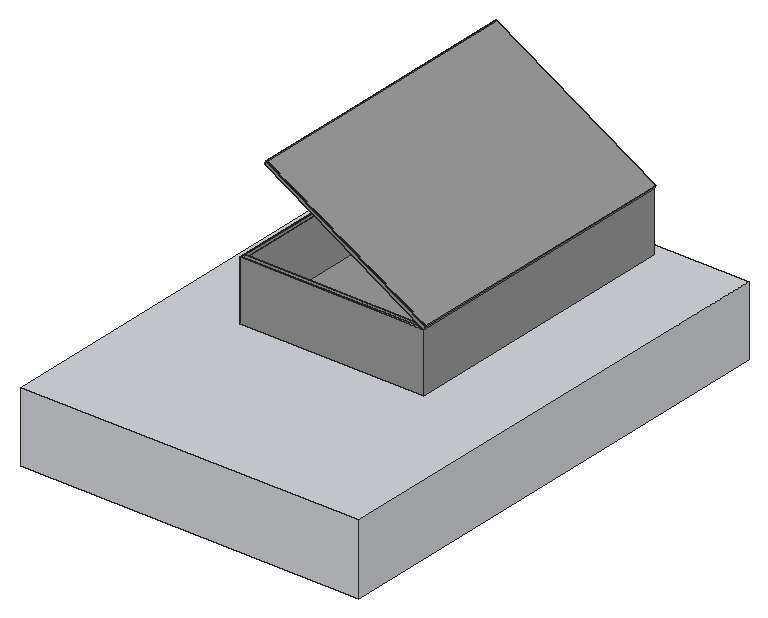
Revit family "Hager-Univers-IP55-D275-H1250-Cl.I-Steel_encl-SE-en", category Equipement électrique, Revit 2020
Family settings
  Hôte = Face
  Configuration du panneau = Deux colonnes, circuits au sein
  Cote de connecteur circulaire = Utiliser le diamètre
  Type d'élément = Tableau de raccordement
  Couper avec des vides une fois chargée = Non
  Partagée = Non
  Point de calcul de pièce = Non
Parameters (values of type "Surface mounted (plaster) IP55 W800 H1250 D275  - FR83E")
  Width Control [instance] = if([EF000008 - Width] > Min Width, [EF000008 - Width], Min Width)  # 800 mm
  Commentaires du type = [HG000003 - Range]  # "Univers"
  Thickness Door [instance] = if([EF009171 - Material plate thickness door/cover] > 3 mm, 3 mm, [EF009171 - Material plate thickness door/cover])  # 1.5 mm
  Seal Frame Offset [instance] = 17 mm  # constant formula
  Plinth Visibility [instance] = [HG000027 - Plinth height] > 0 mm  # no
  Model = ""
  Min Width [instance] = 100 mm  # constant formula
  Min Height [instance] = 100 mm  # constant formula
  Min Depth [instance] = (2 * [EF009170 - Material plate thickness cabinet]) + 1 mm  # 4 mm
  Internal Frame Depth [instance] = (Door System Depth * 0.5)  # 9 mm
  Height Control [instance] = if([EF000040 - Height] > Min Height, [EF000040 - Height], Min Height)  # 1250 mm
  HG000027 - Plinth height = 0 mm
  HG000026 - Floor standing = no
  HG000024 - Bottom section height = 800 mm
  HG000023 - Double section enclosure = no
  HG000016 - Door 3d visibility [instance] = yes
  HG000015 - Clearance visibility [instance] = no
  HG000014 - Door on the right [instance] = yes
  HG000013 - Door on the left [instance] = not([HG000014 - Door on the right])  # no
  HG000012 - Door swing angle [instance] = 30.00°
  HG000010 - Asymmetric doors = no
  HG000009 - Double swing door = no
  HG000006 - Flush mounted = no
  HG000004 - Manufacturer reference = "FR83E"
  HG000003 - Range = "Univers"
  HG000002 - With door or cover = yes
  Frame Offset Bottom [instance] = 10 mm  # constant formula
  Frame Offset [instance] = 15 mm  # constant formula
  EF015940 - Cover with overpressure release = no
  EF011959 - Degree of protection (NEMA) = ""
  EF009554 - Number of openings for flange plates = 6
  EF009212 - Cover model = "EV000116 - Closed"
  EF009171 - Material plate thickness door/cover = 1.5 mm
  EF009170 - Material plate thickness cabinet = 1.5 mm
  Fabricant = "Hager"  # constant formula
  EF008873 - Nominal current (In) = 800 A
  EF007800 - Suitable for lightning protection = no
  EF006306 - With lock = no
  EF006244 - Transparent cover/door = no
  EF005474 - Degree of protection (IP) = "EV006420 - IP55"
  EF004464 - Type of door = "EV002646 - Single"
  EF004427 - Number of modules = 288
  EF004293 - Impact strength = "EV008784 - IK10"
  EF003532 - Suitable for outdoor use = no
  EF002950 - Width in number of modular spacings = 24
  EF001613 - Circuit integrity = "EV000494 - None"
  EF001596 - Material housing = "EV000179 - Steel"
  EF001131 - Internal depth = 275 mm
  EF001088 - Extension possible = yes
  EF000437 - Number of conduit inlets = 6
  EF000339 - Type of cover = "EV004216 - Door"
  EF000266 - Number of rows = 8
  EF000218 - Built-in depth = 0 mm
  EF000118 - With mounting plate = no
  EF000116 - RAL-number = "7035"
  EF000049 - Depth = 275 mm
  EF000040 - Height = 1250 mm
  EF000008 - Width = 800 mm
  EF000007 - Colour = "EV000270 - Grey"
  EF000003 - Mounting method = "EV000384 - Surface mounted (plaster)"
  Door System Leaf Tolerance [instance] = 1.5 mm  # constant formula
  Door System Depth [instance] = 18 mm  # constant formula
  Door Height [instance] = Height Control - [HG000027 - Plinth height]  # 1250 mm
  Depth Control [instance] = if([EF000049 - Depth] > Min Depth, [EF000049 - Depth], Min Depth)  # 275 mm
  Default Elevation = 0 mm
  Connector Offset [instance] = Height Control / 2  # 625 mm
  Bottom Top Plate Trim [instance] = 1.5 mm  # constant formula
  Plinth height Ctrl [instance] = if([HG000027 - Plinth height] > 0 mm, [HG000027 - Plinth height], 12 mm)  # 12 mm
Types (5, lengths in mm): name | Width Control | HG000010 - Asymmetric doors | HG000009 - Double swing door | HG000004 - Manufacturer reference | EF009554 - Number of openings for flange plates | EF004464 - Type of door | EF004427 - Number of modules | EF000437 - Number of conduit inlets | EF000008 - Width
  Surface mounted (plaster) IP55 W1050 H1250 D275  - FR84E | 1050 | no | yes | "FR84E" | 8 | "EV003602 - Double" | 384 | 8 | 1050
  Surface mounted (plaster) IP55 W1300 H1250 D275  - FR85E | 1300 | yes | yes | "FR85E" | 10 | "EV003602 - Double" | 480 | 10 | 1300
  Surface mounted (plaster) IP55 W300 H1250 D275  - FR81E | 300 | no | no | "FR81E" | 2 | "EV002646 - Single" | 96 | 2 | 300
  Surface mounted (plaster) IP55 W550 H1250 D275  - FR82E | 550 | no | no | "FR82E" | 4 | "EV002646 - Single" | 192 | 4 | 550
  Surface mounted (plaster) IP55 W800 H1250 D275  - FR83E | 800 | no | no | "FR83E" | 6 | "EV002646 - Single" | 288 | 6 | 800
Reference planes
  plane 1 "Center (Front/Back)": y = 0
  plane 2: z = 0
  plane 3 "Center (Left/Right)": x = 0
  plane 4: z = 275
  plane 5: y = 1.5
  plane 6: y = 625
  plane 7: y = 0
  plane 8: y = 1250
  plane 9: z = 0
  plane 10: x = -385
  plane 11: x = 385
  plane 12: x = 383.5
  plane 13: x = -383.5
  plane 14: y = 1248.5
  plane 15: x = -383
  plane 16: x = -400
  plane 17: x = 383
  plane 18: x = 400
  plane 19: x = 398.5
  plane 20: x = -398.5
  plane 21: y = 11.5
  plane 22: y = 1250
  plane 23: y = 1233.5
  plane 24: z = 257
  plane 25: z = 1.5
  plane 26: z = 255.5
  plane 27: z = 273.5
Forms (mm)
  Extrusion 1, solid
    sketch origin (0, 0, 0) x (1, 0, 0) y (0, 1, 0)
      loop
        line (-702.964, 1305) -> (-702.964, -811.445) -> (766.763, -811.445) -> (766.763, 1305) -> (-702.964, 1305)
    from 0 to -304.8
  Extrusion 2, solid, material "Hager_Steel_RAL7035_Light_Grey", visible <- "Plinth Visibility", detail levels medium+fine
    sketch origin (0, 0, 0) x (1, 0, 0) y (0, 1, 0)
      loop
        line (-400, 0) -> (400, 0) -> (400, 12) -> (-400, 12) -> (-400, 0)
    from 0 to 257
  Extrusion 3, solid, material "Hager_Steel_RAL7035_Light_Grey", detail levels medium+fine
    sketch origin (0, 0, 0) x (1, 0, 0) y (0, 1, 0)
      loop
        line (-400, 0) -> (400, 0) -> (400, 1250) -> (-400, 1250) -> (-400, 0)
    from 0 to 257
  Extrusion 4, void
    sketch origin (0, 0, 0) x (1, 0, 0) y (0, 1, 0)
      loop
        line (-398.5, 1.5) -> (398.5, 1.5) -> (398.5, 1248.5) -> (-398.5, 1248.5) -> (-398.5, 1.5)
    from 1.5 to 255.5
  Extrusion 5, void
    sketch origin (-381.607, -4572, 257) x (0, -1, 0) y (-1, 0, 0)
      loop
        line (-4583.5, 1.893) -> (-5805.5, 1.893) -> (-5805.5, -765.107) -> (-4583.5, -765.107) -> (-4583.5, 1.893)
    from 0 to 1.5 <- "EF009170 - Material plate thickness cabinet"
  Extrusion 6, solid, material "Hager_Steel_RAL7035_Light_Grey", detail levels fine
    sketch origin (0, 0, 257) x (1, 0, 0) y (0, 1, 0)
      loop
        line (-383.5, 1233.5) -> (-383.5, 11.5) -> (383.5, 11.5) -> (383.5, 1233.5) -> (-383.5, 1233.5)
      loop
        line (-385, 10) -> (385, 10) -> (385, 1235) -> (-385, 1235) -> (-385, 10)
    from 0 to 9 <- "Internal Frame Depth"
  Extrusion 7, solid, material "Hager_Steel_RAL7035_Light_Grey", detail levels coarse
    sketch origin (0, 0, 0) x (1, 0, 0) y (0, 1, 0)
      loop
        line (-400, 0) -> (400, 0) -> (400, 1250) -> (-400, 1250) -> (-400, 0)
    from 0 to 275
  Sweep 8, void
    path in 3D
      loop
        line (-400, 12, 0) -> (400, 12, 0) -> (400, 12, 257) -> (-400, 12, 257) -> (-400, 12, 0)
    profile origin (-400, 12, 128.5) x (-1, 0, 0) y (0, -1, 0)
      loop
        line (0, 0) -> (0, 1.5) -> (-1.5, 1.5)
        arc (-1.5, 1.5) -> (-1.061, 0.439) -> (0, 0) r 1.5
Cuts and joins
  Extrusion 4, Extrusion 5 cuts Extrusion 3
  Sweep 8 cuts Extrusion 2
Lines and regions (mm)
  Masking region 1
    outline origin (0, 0, 0) x (1, 0, 0) y (0, 0, 1)
      loop
        line (-400, 275) -> (-400, 0) -> (400, 0) -> (400, 275) -> (-400, 275)
  Masking region 2, detail levels medium+fine
    outline origin (0, 140, 0) x (0, 1, 0) y (0, 0, 1)
      loop
        line (-140, 0) -> (1110, 0) -> (1110, 257) -> (-140, 257) -> (-140, 0)
  Masking region 3, not visible, detail levels medium+fine
    outline origin (0, 297.922, 0) x (0, 1, 0) y (0, 0, 1)
      loop
        line (338.578, 0) -> (378.578, 0) -> (378.578, 263.5)
        arc (378.578, 263.5) -> (375.649, 270.571) -> (368.578, 273.5) r 10
        line (368.578, 273.5) -> (338.578, 273.5) -> (338.578, 0)
  Masking region 4, detail levels coarse
    outline origin (0, 0, 180) x (0, 1, 0) y (0, 0, 1)
      loop
        line (0, -180) -> (1250, -180) -> (1250, 95) -> (0, 95) -> (0, -180)
  Masking region 5, visible <- "Plinth Visibility", detail levels medium+fine
    outline origin (0, 52.24, 12.345) x (0, 0, -1) y (0, 1, 0)
      loop
        line (10.845, -40.24) -> (-243.155, -40.24)
        arc (-243.155, -40.24) -> (-243.594, -41.301) -> (-244.655, -41.74) r 1.5
        line (-244.655, -41.74) -> (-244.655, -52.24) -> (12.345, -52.24) -> (12.345, -41.74)
        arc (12.345, -41.74) -> (11.285, -41.301) -> (10.845, -40.24) r 1.5
  Masking region 6, detail levels medium+fine
    outline origin (-381.607, -4572, 257) x (-1, 0, 0) y (0, -1, 0)
      loop
        line (18.393, -5822) -> (18.393, -4572) -> (-781.607, -4572) -> (-781.607, -5822) -> (18.393, -5822)
  Masking region 7, visible <- "Plinth Visibility", detail levels medium+fine
    outline origin (-381.607, -4727, 257) x (-1, 0, 0) y (0, -1, 0)
      loop
        arc (16.893, -4739) -> (17.332, -4737.939) -> (18.393, -4737.5) r 1.5
        line (18.393, -4737.5) -> (18.393, -4727) -> (-781.607, -4727) -> (-781.607, -4737.5)
        arc (-781.607, -4737.5) -> (-780.546, -4737.939) -> (-780.107, -4739) r 1.5
        line (-780.107, -4739) -> (16.893, -4739)
  Masking region 8, detail levels coarse
    outline origin (-442.548, -4669.526, 257) x (-1, 0, 0) y (0, -1, 0)
      loop
        line (-42.548, -5919.526) -> (-42.548, -4669.526) -> (-842.548, -4669.526) -> (-842.548, -5919.526) -> (-42.548, -5919.526)
  sketch lines
    curve 1: line (-400, 12, 257) -> (-400, 12, 0)
    curve 2: line (400, 12, 257) -> (-400, 12, 257)
    curve 3: line (400, 12, 257) -> (400, 12, 0)
    curve 4: line (-400, 12, 0) -> (400, 12, 0)
Dimensions and locks
  "Depth Control": plane 4 to Extrusion 1
  "HG000027 - Plinth height": plane 1 "Center (Front/Back)" to plane 7
  "EF009170 - Material plate thickness cabinet": plane 5 to plane 7
  locked: connector elem to plane 3 "Center (Left/Right)"
  equal spacing: plane 8, plane 6, plane 7
  locked: connector elem to plane 6
  "EF009170 - Material plate thickness cabinet": plane 8 to plane 14
  "EF009170 - Material plate thickness cabinet": plane 10 to plane 13
  "EF009170 - Material plate thickness cabinet": plane 12 to plane 11
  "Frame Offset": plane 20 to plane 13
  "Frame Offset": plane 12 to plane 19
  "EF009170 - Material plate thickness cabinet": plane 16 to plane 20
  "EF009170 - Material plate thickness cabinet": plane 19 to plane 18
  "Seal Frame Offset": plane 16 to plane 15
  "Seal Frame Offset": plane 17 to plane 18
  "Frame Offset Bottom": plane 21 to plane 5
  "Frame Offset": plane 14 to plane 23
  equal spacing: plane 16, plane 3 "Center (Left/Right)", plane 18
  "Width Control": plane 16 to plane 18
  "EF009170 - Material plate thickness cabinet": plane 4 to plane 27
  "EF009170 - Material plate thickness cabinet": plane 24 to plane 26
  "EF009170 - Material plate thickness cabinet": plane 25 to level
  "Door System Depth": plane 4 to plane 24
  "Height Control": plane 1 "Center (Front/Back)" to Extrusion 7 sketch curve
  "Height Control": Masking region 4 sketch curve to plane 1 "Center (Front/Back)"
  "Height Control": plane 1 "Center (Front/Back)" to plane 22
  "Bottom Top Plate Trim": profile plane to Sweep 8 sketch curve
  "Bottom Top Plate Trim": Sweep 8 sketch curve to profile plane
  "Plinth height Ctrl": plane 1 "Center (Front/Back)" to Extrusion 2 sketch curve
  "Plinth height Ctrl": Masking region 5 sketch curve to plane 1 "Center (Front/Back)"
  "Plinth height Ctrl": plane 1 "Center (Front/Back)" to Masking region 7 sketch curve
  "Thickness Door": Extrusion 6 sketch curve to Extrusion 6 sketch curve  (x3)
  "Thickness Door": cut or joined group of Extrusion 3, Extrusion 4, Extrusion 5 to Extrusion 6 sketch curve
  radius of Masking region 3 sketch curve = 10 mm
  "Bottom Top Plate Trim": radius of Masking region 5 sketch curve  (x2)
  "Bottom Top Plate Trim": radius of Sweep 8 sketch curve
  "Bottom Top Plate Trim": radius of Masking region 7 sketch curve  (x2)
  aligned and locked: plane 2 to Extrusion 1
  aligned and locked: level to Extrusion 1
  aligned and locked: level to Masking region 1 sketch curve
  aligned and locked: Masking region 1 sketch curve to plane 18
  aligned and locked: Masking region 1 sketch curve to plane 16
  aligned and locked: plane 7 to Masking region 2 sketch curve
  aligned and locked: level to Masking region 3 sketch curve
  aligned and locked: Masking region 3 sketch curve to plane 27
  aligned and locked: level to Masking region 2 sketch curve
  aligned and locked: plane 1 "Center (Front/Back)" to Extrusion 2 sketch curve
  aligned and locked: Extrusion 3 sketch curve to plane 7
  aligned and locked: plane 16 to Extrusion 3 sketch curve
  aligned and locked: plane 18 to Extrusion 3 sketch curve
  aligned and locked: plane 20 to Extrusion 4 sketch curve
  aligned and locked: plane 19 to Extrusion 4 sketch curve
  aligned and locked: Extrusion 4 sketch curve to plane 5
  aligned and locked: Extrusion 4 to plane 25
  aligned and locked: plane 26 to Extrusion 4
  aligned and locked: plane 24 to Extrusion 3
  aligned and locked: Extrusion 5 sketch curve to plane 21
  aligned and locked: Extrusion 5 sketch curve to plane 13
  aligned and locked: Extrusion 5 sketch curve to plane 12
  aligned and locked: plane 18 to Extrusion 7 sketch curve
  aligned and locked: plane 1 "Center (Front/Back)" to Extrusion 7 sketch curve
  aligned and locked: plane 16 to Extrusion 7 sketch curve
  aligned and locked: plane 4 to Extrusion 7
  aligned and locked: Extrusion 7 to level
  aligned and locked: level to Masking region 4 sketch curve
  aligned and locked: Masking region 4 sketch curve to plane 1 "Center (Front/Back)"
  aligned and locked: Masking region 4 sketch curve to plane 4
  aligned and locked: nested 1 to level
  aligned and locked: nested 1 to plane 16
  aligned and locked: plane 8 to Extrusion 3 sketch curve
  aligned and locked: plane 23 to Extrusion 5 sketch curve
  aligned and locked: plane 14 to Extrusion 4 sketch curve
  aligned and locked: Masking region 2 sketch curve to plane 8
  aligned and locked: level to Masking region 5 sketch curve
  aligned and locked: plane 16 to Extrusion 2 sketch curve
  aligned and locked: plane 18 to Extrusion 2 sketch curve
  aligned and locked: Masking region 5 sketch curve to plane 24
  aligned and locked: Masking region 2 sketch curve to plane 24
  aligned and locked: plane 24 to Extrusion 2
  aligned and locked: profile plane to Sweep 8 sketch curve  (x2)
  aligned and locked: Masking region 6 sketch curve to plane 18
  aligned and locked: Masking region 6 sketch curve to plane 22
  aligned and locked: Masking region 6 sketch curve to plane 16
  aligned and locked: plane 8 to plane 22
  aligned and locked: Masking region 6 sketch curve to plane 7
  aligned and locked: Masking region 7 sketch curve to plane 16
  aligned and locked: Masking region 7 sketch curve to plane 1 "Center (Front/Back)"
  aligned and locked: Masking region 7 sketch curve to plane 18
  aligned and locked: Masking region 8 sketch curve to plane 1 "Center (Front/Back)"
  aligned and locked: Masking region 8 sketch curve to plane 18
  aligned and locked: Masking region 8 sketch curve to plane 22
  aligned and locked: Masking region 8 sketch curve to plane 16
  aligned and locked: nested 2 to plane 7
  aligned and locked: plane 3 "Center (Left/Right)" to nested 2
  aligned and locked: nested 2 to plane 24
  aligned and locked: Extrusion 6 sketch curve to cut or joined group of Extrusion 3, Extrusion 4, Extrusion 5  (x4)
Automatic sketch dimensions
  Extrusion 1 sketch curve to Extrusion 1 sketch curve = 1469.727 mm
  Extrusion 1 sketch curve to Extrusion 1 sketch curve = 2116.445 mm
  Masking region 1 sketch curve to plane 4 = 0 mm
  plane 6 to Masking region 3 sketch curve = 11.5 mm
  Masking region 3 sketch curve to Masking region 3 sketch curve = 30 mm
  Masking region 5 sketch curve to plane 1 "Center (Front/Back)" = 0 mm
Nested families
  nested 1: "Hager_Enclosure_Symbol" at (-400, 0, 0) x (1, 0, 0) z (0, -1, 0), Height <- "Depth Control", Width <- "Width Control", type "Hager_Enclosure_Symbol"
    with Width_Ctrl 800 mm, Width 800 mm, Height_Ctrl 275 mm, Height 275 mm, A_Width_Int 18.047 mm, A_Width 216.562 mm, A_Height_Ctrl 240.625 mm, A_Height 240.625 mm
  nested 2: "EC000058_Univers_Door" at (0, 0, 257) x (1, 0, 0) z (0, 1, 0), Leaf_Tolerance <- "Door System Leaf Tolerance", Angle <- "HG000012 - Door swing angle", Door_Depth <- "Door System Depth", Door_Left <- "HG000013 - Door on the left", Transparent <- "EF006244 - Transparent cover/door", Assymetrical <- "HG000010 - Asymmetric doors", Width <- "Width Control", Clearance <- "HG000015 - Clearance visibility", Double <- "HG000009 - Double swing door", 3d_Door <- "HG000016 - Door 3d visibility", Lock_Visibility <- "EF006306 - With lock", Width_Ctrl <- "Width Control", Door_Right <- "HG000014 - Door on the right", Door <- "HG000002 - With door or cover", Height <- "Door Height", Thickness <- "Thickness Door", type "EC000058_Univers_Door", detail levels medium+fine
    with min_wh 4 mm, Width_Ctrl 800 mm, Width 800 mm, Transparent no, Thickness 1.5 mm, Seal_Material Hager_Rubber, Lock_Visibility no, Lock_Material Hager_Plastic_RAL9005_Jet_Black, Leaf_Width 800 mm, Leaf_Tolerance_External_Sides 0 mm, Leaf_Tolerance 1.5 mm, Leaf_Offset 0 mm, Leaf_Height 1247 mm, Leaf_2_Width 800 mm, Leaf_2_Offset 400 mm, Leaf_1_Width 800 mm, Leaf_1_Offset 400 mm, Height_Ctrl 1250 mm, Height 1250 mm, Glass_Material Hager_Glass, Double_Clearance_Ctrl no, Double no, Door_Right_Ctrl yes, Door_Right yes, Door_Material Hager_Steel_RAL7035_Light_Grey, Door_Left_Ctrl no, Door_Left no, Door_Depth 18 mm, Door yes, Clearance_Material Hager_Clearance, Clearance_Depth 800 mm, Clearance_Ctrl no, Clearance no, Assymetrical no, Angle 30.00°, 3d_Door yes
Connectors
  electrical at (0, 625, 0)
    settings: on plane 9, index 1, voltage 0 V, apparent load 0 VA, apparent load phase1 0 VA, apparent load phase2 0 VA, apparent load phase3 0 VA, power factor 1, load classification "Other", number of poles 1, system type 30, power factor state 1, is connector primary yes, connector utility no, sub classification motor no, connector description ""
Definition of nested family "EC000058_Univers_Door"
  Parameters (values of type "EC000058_Univers_Door")
    min_wh [instance] = (2 * Thickness) + 1 mm  # 11 mm
    Width_Ctrl [instance] = 400 mm
    Width [instance] = 500 mm
    Transparent [instance] = yes
    Thickness [instance] = 5 mm
    Seal_Material [instance] = none
    Lock_Visibility [instance] = yes
    Lock_Material [instance] = none
    Leaf_Width [instance] = if((Width_Ctrl - 2 * Leaf_Tolerance_External_Sides) > 0 mm, (Width_Ctrl - 2 * Leaf_Tolerance_External_Sides), min_wh)  # 400 mm
    Leaf_Tolerance_External_Sides [instance] = 0 mm  # constant formula
    Leaf_Tolerance [instance] = 1.5 mm
    Leaf_Offset [instance] = 0 mm  # constant formula
    Leaf_Height [instance] = if((Height_Ctrl - 2 * Leaf_Tolerance) > 0 mm, (Height_Ctrl - 2 * Leaf_Tolerance), min_wh)  # 497 mm
    Leaf_2_Width [instance] = if(and(and(Double, Assymetrical), Door_Left), (Leaf_Width / 3) - (Leaf_Tolerance / 2), if(and(and(Double, Assymetrical), Door_Right), (Leaf_Width / 3) * 2 - (Leaf_Tolerance / 2), if(and(Double, not(Assymetrical)), (Leaf_Width / 2) - Leaf_Tolerance, Leaf_Width)))  # 400 mm
    Leaf_2_Offset [instance] = if(and(Double, Assymetrical), Leaf_2_Width / 2, if(and(Double, not(Assymetrical)), Leaf_Width / 4, Leaf_Width / 2))  # 200 mm
    Leaf_1_Width [instance] = if(and(and(Double, Assymetrical), Door_Right), (Leaf_Width / 3) - (Leaf_Tolerance / 2), if(and(and(Double, Assymetrical), Door_Left), (Width / 3) * 2 - (Leaf_Tolerance / 2), if(and(Double, not(Assymetrical)), (Leaf_Width / 2) - Leaf_Tolerance, Leaf_Width)))  # 400 mm
    Leaf_1_Offset [instance] = if(and(Double, Assymetrical), Leaf_1_Width / 2, if(and(Double, not(Assymetrical)), Leaf_Width / 4, Leaf_Width / 2))  # 200 mm
    Height_Ctrl [instance] = if(Height > min_wh, Height, min_wh)  # 500 mm
    Height [instance] = 500 mm
    Glass_Material [instance] = none
    Double_Clearance_Ctrl [instance] = and(Double, Clearance)  # no
    Double [instance] = no
    Door_Right_Ctrl [instance] = and(or(Door_Right, Double), Door)  # yes
    Door_Right [instance] = yes
    Door_Material [instance] = none
    Door_Left_Ctrl [instance] = and(or(Door_Left, Double), Door)  # no
    Door_Left [instance] = no
    Door_Depth [instance] = 30 mm
    Door [instance] = yes
    Default Elevation = 1219.2 mm
    Clearance_Material [instance] = none
    Clearance_Depth [instance] = if(Leaf_1_Width > Leaf_2_Width, Leaf_1_Width, Leaf_2_Width)  # 400 mm
    Clearance_Ctrl [instance] = and(not(Double), Clearance)  # yes
    Clearance [instance] = yes
    Assymetrical [instance] = yes
    Angle [instance] = 30.00°
    3d_Door [instance] = yes
  Reference planes
    plane 1 "Center (Front/Back)": y = 0
    plane 2 "Bottom": z = 0
    plane 3 "Center (Left/Right)": x = 0
    plane 4: z = 500
    plane 5: x = -200
    plane 6: x = 200
    plane 7: z = 500
    plane 8: x = -200
    plane 9: z = 0
    plane 10: x = 200
    plane 11: y = 0
    plane 12: z = 1.5
    plane 13: x = -600
    plane 14: y = -400
    plane 15: x = 600
    plane 16: x = 0
    plane 17: x = 0
    plane 18: x = -200
    plane 19: x = 200
    plane 20: z = 498.5
  Forms (mm)
    Extrusion 1, solid, material <- "Clearance_Material", visible <- "Double_Clearance_Ctrl"
      sketch origin (1200, 0, 0) x (1, 0, 0) y (0, 0, -1)
        loop
          line (-1800, -498.5) -> (-600, -498.5) -> (-600, 0) -> (-1800, 0) -> (-1800, -498.5)
      from 0 to -400
  Dimensions and locks
    equal spacing: plane 5, plane 3 "Center (Left/Right)", plane 6
    "Width_Ctrl": plane 5 to plane 6
    "Leaf_Offset": plane 5 to plane 8
    "Leaf_Offset": plane 6 to plane 10
    "Leaf_Offset": plane 9 to level
    "Leaf_Offset": plane 4 to plane 7
    "Height_Ctrl": plane 4 to level
    "Leaf_Tolerance": plane 12 to plane 9
    locked: plane 11 to plane 1 "Center (Front/Back)"
    "Leaf_1_Offset": plane 18 to plane 16
    "Leaf_2_Offset": plane 17 to plane 19
    "Leaf_1_Width": plane 13 to plane 8
    "Leaf_2_Width": plane 10 to plane 15
    "Clearance_Depth": plane 14 to plane 1 "Center (Front/Back)"
    "Leaf_Tolerance_External_Sides": plane 8 to plane 18
    "Leaf_Tolerance_External_Sides": plane 19 to plane 10
    "Leaf_Tolerance": plane 7 to plane 20
    aligned and locked: level to plane 2 "Bottom"
    aligned and locked: nested 1 to plane 16
    aligned and locked: nested 2 to plane 17
    aligned and locked: Extrusion 1 to plane 13
    aligned and locked: plane 15 to Extrusion 1
    aligned and locked: Extrusion 1 to plane 14
    aligned and locked: plane 12 to nested 1
    aligned and locked: nested 2 to plane 12
    aligned and locked: Extrusion 1 to plane 11
    aligned and locked: plane 20 to Extrusion 1
    aligned and locked: nested 2 to plane 11
    aligned and locked: nested 1 to plane 11
  Automatic sketch dimensions
    Extrusion 1 sketch curve to level = 0 mm
    plane 5 to Extrusion 1 sketch curve = 400 mm
    plane 6 to Extrusion 1 sketch curve = 400 mm
    Extrusion 1 sketch curve to plane 4 = 1.5 mm
  Nested families
    nested 1: "EC000058_Univers_Door_Leaf" at (0, 0, 1.5), Width <- "Leaf_1_Width", visible <- "Door_Left_Ctrl", Leaf_Height <- "Leaf_Height", Angle <- "Angle", 3d_Door <- "3d_Door", Transparent <- "Transparent", Clearance Material <- "Clearance_Material", Clearance <- "Clearance_Ctrl", Door_Material <- "Door_Material", Glass_Material <- "Glass_Material", Door_Depth <- "Door_Depth", Lock_Material <- "Lock_Material", Seal_Material <- "Seal_Material", Lock_Visibility <- "Lock_Visibility", Thickness <- "Thickness", type "EC000058_Univers_Door_Leaf"
      with Width 400 mm, Transparent_Glass_Offset 30 mm, Transparent_Ctrl yes, Transparent yes, Thickness 5 mm, Standard no, Seal_Material none, Seal_D2 8 mm, Seal_D1 1 mm, Offset_Internal_Frame 10 mm, Lock_Width 20 mm, Lock_Visibility_3d yes, Lock_Visibility yes, Lock_Thickness_3 3 mm, Lock_Thickness_2 1 mm, Lock_Thickness_1 3 mm, Lock_Radius_Offset_2 16 mm, Lock_Radius_Offset_1 15 mm, Lock_Radius_2 5 mm, Lock_Radius 6 mm, Lock_Offset 5 mm, Lock_Material none, Lock_Height 80 mm, Lock_Cover_Top_Offset_2d 17 mm, Lock_Cover_Height -65 mm, Leaf_Height 497 mm, Internal_Seal_Thickness 8 mm, Internal_Seal_Depth_2 4.5 mm, Internal_Frame_Depth 25 mm, Glass_Thickness -1 mm, Glass_Offset -2 mm, Glass_Material none, Door_Material none, Door_Depth 30 mm, Clearance Material none, Clearance yes, Angle_Ctrl 30.00°, Angle 30.00°, 3d_Door yes
    nested 2: "EC000058_Univers_Door_Leaf" at (0, 0, 1.5) x (-1, 0, 0) z (0, 0, 1), Width <- "Leaf_2_Width", visible <- "Door_Right_Ctrl", Leaf_Height <- "Leaf_Height", Angle <- "Angle", 3d_Door <- "3d_Door", Transparent <- "Transparent", Clearance Material <- "Clearance_Material", Clearance <- "Clearance_Ctrl", Door_Material <- "Door_Material", Glass_Material <- "Glass_Material", Door_Depth <- "Door_Depth", Lock_Material <- "Lock_Material", Seal_Material <- "Seal_Material", Lock_Visibility <- "Lock_Visibility", Thickness <- "Thickness", type "EC000058_Univers_Door_Leaf"
      with Width 400 mm, Transparent_Glass_Offset 30 mm, Transparent_Ctrl yes, Transparent yes, Thickness 5 mm, Standard no, Seal_Material none, Seal_D2 8 mm, Seal_D1 1 mm, Offset_Internal_Frame 10 mm, Lock_Width 20 mm, Lock_Visibility_3d yes, Lock_Visibility yes, Lock_Thickness_3 3 mm, Lock_Thickness_2 1 mm, Lock_Thickness_1 3 mm, Lock_Radius_Offset_2 16 mm, Lock_Radius_Offset_1 15 mm, Lock_Radius_2 5 mm, Lock_Radius 6 mm, Lock_Offset 5 mm, Lock_Material none, Lock_Height 80 mm, Lock_Cover_Top_Offset_2d 17 mm, Lock_Cover_Height -65 mm, Leaf_Height 497 mm, Internal_Seal_Thickness 8 mm, Internal_Seal_Depth_2 4.5 mm, Internal_Frame_Depth 25 mm, Glass_Thickness -1 mm, Glass_Offset -2 mm, Glass_Material none, Door_Material none, Door_Depth 30 mm, Clearance Material none, Clearance yes, Angle_Ctrl 30.00°, Angle 30.00°, 3d_Door yes
  Definition of nested family "EC000058_Univers_Door_Leaf"
    Parameters (values of type "EC000058_Univers_Door_Leaf")
      Width [instance] = 2000 mm
      Transparent_Glass_Offset [instance] = 30 mm
      Transparent_Ctrl [instance] = and(Transparent, [3d_Door])  # yes
      Transparent [instance] = yes
      Thickness [instance] = 5 mm
      Standard [instance] = and(not(Transparent), [3d_Door])  # no
      Seal_Material [instance] = none
      Seal_D2 [instance] = 8 mm  # constant formula
      Seal_D1 [instance] = 1 mm  # constant formula
      Offset_Internal_Frame [instance] = 10 mm  # constant formula
      Lock_Width [instance] = 20 mm  # constant formula
      Lock_Visibility_3d [instance] = and(Lock_Visibility, [3d_Door])  # yes
      Lock_Visibility [instance] = yes
      Lock_Thickness_3 [instance] = 3 mm  # constant formula
      Lock_Thickness_2 [instance] = 1 mm  # constant formula
      Lock_Thickness_1 [instance] = 3 mm  # constant formula
      Lock_Radius_Offset_2 [instance] = Lock_Radius_Offset_1 + 1 mm  # 16 mm
      Lock_Radius_Offset_1 [instance] = 15 mm  # constant formula
      Lock_Radius_2 [instance] = Lock_Radius - 1 mm  # 5 mm
      Lock_Radius [instance] = 6 mm  # constant formula
      Lock_Offset [instance] = 5 mm  # constant formula
      Lock_Material [instance] = none
      Lock_Height [instance] = 80 mm  # constant formula
      Lock_Cover_Top_Offset_2d [instance] = Lock_Radius_Offset_2 + 1 mm  # 17 mm
      Lock_Cover_Height [instance] = -(Lock_Height - Lock_Radius_Offset_1)  # -65 mm
      Leaf_Height [instance] = 2720.336 mm
      Internal_Seal_Thickness [instance] = 8 mm  # constant formula
      Internal_Seal_Depth_2 [instance] = 4.5 mm  # constant formula
      Internal_Frame_Depth [instance] = if(Door_Depth - Thickness > 5 mm, Door_Depth - Thickness, 5 mm)  # 25 mm
      Glass_Thickness [instance] = if(Thickness > 15 mm, Glass_Offset + 10 mm, -1 mm)  # -1 mm
      Glass_Offset [instance] = if(Thickness > 15 mm, -(Thickness + 10 mm) / 2, -2 mm)  # -2 mm
      Glass_Material [instance] = none
      Door_Material [instance] = none
      Door_Depth [instance] = 30 mm
      Default Elevation = 0 mm
      Clearance Material [instance] = none
      Clearance [instance] = yes
      Angle_Ctrl [instance] = if(Angle > 180.00°, 180.00°, Angle)  # 90.00°
      Angle [instance] = 90.00°
      3d_Door [instance] = yes
    Reference planes
      plane 1 "Center (Front/Back)": y = 0
      plane 2: z = 0
      plane 3 "Center (Left/Right)": x = 0
      plane 4: y = 2000
      plane 5: x = -1000
      plane 6: x = 1000
      plane 7: x = -3000
      plane 8: z = 2720.336
      plane 9: z = 30
      plane 10: z = 2690.336
      plane 11: x = 970
      plane 12: x = -970
      plane 13: y = -3
      plane 14: z = 107.833
      plane 15: y = -5
      plane 16: y = -223.314
      plane 17: x = -1000
      plane 18: z = 1360.168
      plane 19: y = 30
    Forms (mm)
      Extrusion 1, solid, material <- "Clearance Material", visible <- "Clearance"
        sketch origin (0, 0, 0) x (1, 0, 0) y (0, 0, 1)
          loop
            line (-3000, 2720.336) -> (-3000, 0) -> (1000, 0) -> (1000, 2720.336) -> (-3000, 2720.336)
        from 0 to -2000
      Extrusion 2, solid, material <- "Door_Material", visible <- "Standard", detail levels medium+fine
        sketch origin (-1000, 0, 0) x (0, 1, 0) y (-1, 0, 0)
          loop
            line (0, 30) -> (0, 25) -> (2000, 25) -> (2000, 30) -> (0, 30)
        from 0 to 2720.336 <- "Leaf_Height"
      Extrusion 3, solid, material <- "Door_Material", visible <- "Transparent_Ctrl", detail levels medium+fine
        sketch origin (-1000, 0, 0) x (0, 1, 0) y (-1, 0, 0)
          loop
            line (0, 25) -> (2000, 25) -> (2000, 30) -> (0, 30) -> (0, 25)
        from 0 to 2720.336 <- "Leaf_Height"
      Extrusion 4, void
        sketch origin (-1025, 2000, 0) x (0, 1, 0) y (0, 0, -1)
          loop
            line (-30, -2690.336) -> (-30, -30) -> (-1970, -30) -> (-1970, -2690.336) -> (-30, -2690.336)
        from 0 to 5 <- "Thickness"
      Sweep 5, solid, material <- "Seal_Material", visible <- "Transparent_Ctrl", detail levels fine
        path in 3D
          loop
            line (-1025, 30, 30) -> (-1025, 30, 2690.336) -> (-1025, 1970, 2690.336) -> (-1025, 1970, 30) -> (-1025, 30, 30)
        profile origin (-1025, 1000, 30) x (1, 0, 0) y (0, 0, 1)
          loop
            line (0, 0) -> (0, -8) -> (1, -8) -> (1, 0) -> (0, 0)
      Extrusion 6, solid, material <- "Glass_Material", visible <- "Transparent_Ctrl", detail levels medium+fine
        sketch origin (-1030, 0, 0) x (0, 1, 0) y (0, 0, -1)
          loop
            line (1970, -2690.336) -> (1970, -30) -> (30, -30) -> (30, -2690.336) -> (1970, -2690.336)
        from -2 <- "Glass_Offset" to -1 <- "Glass_Thickness"
      Extrusion 7, solid, material <- "Door_Material", visible <- "3d_Door", detail levels medium+fine
        sketch origin (-1025, 2000, 0) x (0, -1, 0) y (0, 0, -1)
          loop
            line (0, -2720.336) -> (2000, -2720.336) -> (2000, 0) -> (0, 0) -> (0, -2720.336)
          loop
            line (1995, -5) -> (5, -5) -> (5, -2715.336) -> (1995, -2715.336) -> (1995, -5)
        from 0 to 25 <- "Internal_Frame_Depth"
      Sweep 8, solid, material <- "Seal_Material", visible <- "Transparent_Ctrl", detail levels fine
        path in 3D
          loop
            line (-1025, 0, 0) -> (-1025, 2000, 0) -> (-1025, 2000, 2720.336) -> (-1025, 0, 2720.336) -> (-1025, 0, 0)
        profile origin (-1025, 0, 1360.168) x (1, 0, 0) y (0, 1, 0)
          loop
            line (0, 10) -> (2.975, 10)
            arc (2.975, 10) -> (4.053, 10.447) -> (4.5, 11.525) r 1.525
            line (4.5, 11.525) -> (4.5, 16.527)
            arc (4.5, 16.527) -> (4.069, 17.569) -> (3.027, 18) r 1.473
            line (3.027, 18) -> (0, 18) -> (0, 10)
      Extrusion 9, solid, material <- "Lock_Material", visible <- "Lock_Visibility_3d", detail levels fine
        sketch origin (-1030, 0, 0) x (0, 1, 0) y (0, 0, -1)
          loop
            arc (1993.5, -1400.168) -> (1994.561, -1399.729) -> (1995, -1398.668) r 1.5
            line (1995, -1398.668) -> (1995, -1320.168) -> (1975, -1320.168) -> (1975, -1398.668)
            arc (1975, -1398.668) -> (1975.439, -1399.729) -> (1976.5, -1400.168) r 1.5
            line (1976.5, -1400.168) -> (1993.5, -1400.168)
        from 3 <- "Lock_Thickness_1" to 0
      Blend 10, solid, material <- "Lock_Material", visible <- "Lock_Visibility_3d", detail levels fine
        base sketch origin (-1033, 0, 0) x (0, 1, 0) y (0, 0, -1)
          loop
            line (1975, -1320.168) -> (1975, -1398.668)
            arc (1975, -1398.668) -> (1975.439, -1399.729) -> (1976.5, -1400.168) r 1.5
            line (1976.5, -1400.168) -> (1993.5, -1400.168)
            arc (1993.5, -1400.168) -> (1994.561, -1399.729) -> (1995, -1398.668) r 1.5
            line (1995, -1398.668) -> (1995, -1320.168) -> (1975, -1320.168)
        top sketch origin (-1033, 0, 0) x (0, 1, 0) y (0, 0, -1)
          loop
            line (1976, -1320.168) -> (1976, -1398.668)
            arc (1976, -1398.668) -> (1976.146, -1399.022) -> (1976.5, -1399.168) r 0.5
            line (1976.5, -1399.168) -> (1993.5, -1399.168)
            arc (1993.5, -1399.168) -> (1993.854, -1399.022) -> (1994, -1398.668) r 0.5
            line (1994, -1398.668) -> (1994, -1320.168) -> (1976, -1320.168)
        from 0 to 1 <- "Lock_Thickness_2"
      Blend 11, solid, material <- "Lock_Material", visible <- "Lock_Visibility_3d", detail levels fine
        base sketch origin (-1034, 0, 0) x (0, 1, 0) y (0, 0, -1)
          loop
            line (1978, -1320.168) -> (1978, -1384.168)
            arc (1978, -1384.168) -> (1985, -1391.168) -> (1992, -1384.168) r 7
            line (1992, -1384.168) -> (1992, -1320.168) -> (1978, -1320.168)
        top sketch origin (-1034, 0, 0) x (0, 1, 0) y (0, 0, -1)
          loop
            line (1991, -1320.168) -> (1979, -1320.168) -> (1979, -1383.168)
            arc (1979, -1383.168) -> (1985, -1389.168) -> (1991, -1383.168) r 6
            line (1991, -1383.168) -> (1991, -1320.168)
        from 0 to 3 <- "Lock_Thickness_3"
      Extrusion 12, solid, material <- "Lock_Material", visible <- "Lock_Visibility_3d", detail levels fine
        sketch origin (-1030, 1975, 1320.168) x (1, 0, 0) y (0, -1, 0)
          loop
            line (-7, -19) -> (-7, -1) -> (0, -1) -> (0, 0) -> (-8, 0) -> (-8, -20) -> (0, -20) -> (0, -19) -> (-7, -19)
        from 0 to -65 <- "Lock_Cover_Height"
      Extrusion 13, void
        sketch origin (-1038, 1995, 1320.168) x (-1, 0, 0) y (0, 0, -1)
          loop
            line (-5, -65) -> (0, -65) -> (-5, -60) -> (-5, -65)
        from 0 to 20 <- "Lock_Width"
      Extrusion 14, void
        sketch origin (-1038, 1975, 1320.168) x (0, -1, 0) y (0, 0, -1)
          loop
            circle (-10, -15.995) r 6
          loop
            circle (-10, -15.995) r 5
        from 0 to 2
      Extrusion 15, solid, material <- "Lock_Material", visible <- "Lock_Visibility_3d", detail levels medium
        sketch origin (-1030, 0, 0) x (0, 1, 0) y (0, 0, -1)
          loop
            arc (1993.5, -1400.168) -> (1994.561, -1399.729) -> (1995, -1398.668) r 1.5
            line (1995, -1398.668) -> (1995, -1320.168) -> (1975, -1320.168) -> (1975, -1398.668)
            arc (1975, -1398.668) -> (1975.439, -1399.729) -> (1976.5, -1400.168) r 1.5
            line (1976.5, -1400.168) -> (1993.5, -1400.168)
        from 8 to 0
    Cuts and joins
      Extrusion 4 cuts Extrusion 3
      Extrusion 13, Extrusion 14 cuts Extrusion 9
      Extrusion 14 cuts Blend 11
      Extrusion 13, Extrusion 14 cuts Extrusion 12
      joined: Extrusion 9, Blend 10, Blend 11, Extrusion 12
      Extrusion 14 cuts Extrusion 15
    Lines and regions (mm)
      Masking region 1, visible <- "Lock_Visibility", detail levels fine
        outline origin (0, 0, 0) x (0, 1, 0) y (0, 0, 1)
          loop
            line (30, 1320.168) -> (33, 1320.168) -> (33, 1400.168) -> (30, 1400.168) -> (30, 1320.168)
      Masking region 2, visible <- "Lock_Visibility", detail levels fine
        outline origin (0, 3.143, 0) x (0, 1, 0) y (0, 0, 1)
          loop
            line (29.857, 1354.168) -> (30.857, 1354.168) -> (30.857, 1366.168) -> (29.857, 1366.168) -> (29.857, 1354.168)
      Masking region 3, detail levels medium+fine
        outline origin (0, 0, 0) x (0, 1, 0) y (0, 0, 1)
          loop
            line (0, 0) -> (30, 0) -> (30, 2720.336) -> (0, 2720.336) -> (0, 0)
      Masking region 4, detail levels medium+fine
        outline origin (0, 0, 0) x (1, 0, 0) y (0, 0, 1)
          loop
            line (-1000, 2720.336) -> (-1000, 0) -> (1000, 0) -> (1000, 2720.336) -> (-1000, 2720.336)
      Masking region 5, visible <- "Lock_Visibility", detail levels fine
        outline origin (-47.116, 0, 0) x (1, 0, 0) y (0, 0, 1)
          loop
            arc (1024.616, 1399.168) -> (1023.556, 1398.729) -> (1023.116, 1397.668) r 1.5
            line (1023.116, 1397.668) -> (1023.116, 1320.168) -> (1041.116, 1320.168) -> (1041.116, 1397.668)
            arc (1041.116, 1397.668) -> (1040.677, 1398.729) -> (1039.616, 1399.168) r 1.5
            line (1039.616, 1399.168) -> (1024.616, 1399.168)
      Masking region 6, visible <- "Lock_Visibility", detail levels medium+fine
        outline origin (-25, 0, 0) x (1, 0, 0) y (0, 0, 1)
          loop
            arc (1001.5, 1400.168) -> (1000.439, 1399.729) -> (1000, 1398.668) r 1.5
            line (1000, 1398.668) -> (1000, 1320.168) -> (1020, 1320.168) -> (1020, 1398.668)
            arc (1020, 1398.668) -> (1019.561, 1399.729) -> (1018.5, 1400.168) r 1.5
            line (1018.5, 1400.168) -> (1001.5, 1400.168)
      Masking region 7, visible <- "Lock_Visibility", detail levels fine
        outline origin (-73.735, 0, 0) x (1, 0, 0) y (0, 0, 1)
          loop
            line (1051.735, 1382.168) -> (1065.735, 1382.168) -> (1065.735, 1384.168)
            arc (1065.735, 1384.168) -> (1058.735, 1391.168) -> (1051.735, 1384.168) r 7
            line (1051.735, 1384.168) -> (1051.735, 1382.168)
      Masking region 8, visible <- "Lock_Visibility", detail levels fine
        outline origin (-73.735, 0, 0) x (1, 0, 0) y (0, 0, 1)
          loop
            line (1052.735, 1382.168) -> (1064.735, 1382.168) -> (1064.735, 1383.168)
            arc (1064.735, 1383.168) -> (1058.735, 1389.168) -> (1052.735, 1383.168) r 6
            line (1052.735, 1383.168) -> (1052.735, 1382.168)
      Masking region 9, visible <- "Lock_Visibility", detail levels fine
        outline origin (-25, 0, 0) x (1, 0, 0) y (0, 0, 1)
          loop
            line (1020, 1320.168) -> (1020, 1382.168) -> (1000, 1382.168) -> (1000, 1320.168) -> (1020, 1320.168)
      Masking region 10, detail levels medium+fine
        outline origin (0, 0, 0) x (1, 0, 0) y (0, 0, 1)
          loop
            circle (985, 1335.144) r 6
      Masking region 11, detail levels fine
        outline origin (0, 0, 0) x (1, 0, 0) y (0, 0, 1)
          loop
            circle (985, 1335.144) r 5
      Masking region 12, visible <- "Lock_Visibility", detail levels fine
        outline origin (0, 12.767, 0) x (0, 1, 0) y (0, 0, 1)
          loop
            line (20.233, 1320.168) -> (21.233, 1320.168) -> (21.233, 1399.168) -> (20.233, 1400.168) -> (20.233, 1320.168)
      Masking region 13, visible <- "Lock_Visibility", detail levels fine
        outline origin (0, 13.767, -10) x (0, 1, 0) y (0, 0, 1)
          loop
            line (20.233, 1330.168) -> (23.233, 1330.168) -> (23.233, 1399.168) -> (20.233, 1402.168) -> (20.233, 1330.168)
      Masking region 14, visible <- "Lock_Visibility", detail levels fine
        outline origin (0, 12.767, -10) x (0, 1, 0) y (0, 0, 1)
          loop
            line (20.233, 1330.168) -> (25.233, 1330.168) -> (25.233, 1399.305) -> (20.233, 1394.305) -> (20.233, 1330.168)
      Masking region 15, visible <- "Lock_Visibility", detail levels medium
        outline origin (0, 0, 0) x (0, 1, 0) y (0, 0, 1)
          loop
            line (30, 1320.168) -> (38, 1320.168) -> (38, 1400.168) -> (30, 1400.168) -> (30, 1320.168)
      Masking region 16, visible <- "Lock_Visibility", detail levels fine
        outline origin (-1000, 0, 0) x (0, 1, 0) y (-1, 0, 0)
          loop
            line (1975, 30) -> (1995, 30) -> (1995, 38) -> (1975, 38) -> (1975, 30)
          loop
            line (1979, 37) -> (1976, 37) -> (1976, 34) -> (1978, 34) -> (1979, 37)
          loop
            line (1994, 37) -> (1991, 37) -> (1992, 34) -> (1994, 34) -> (1994, 37)
      Masking region 17, visible <- "Lock_Visibility", detail levels medium
        outline origin (-1000, 0, 0) x (0, 1, 0) y (-1, 0, 0)
          loop
            line (1975, 30) -> (1995, 30) -> (1995, 38) -> (1975, 38) -> (1975, 30)
      symbolic lines
        curve 1: line (1000, 0, 0) -> (-3000, 0, 0)
        curve 2: arc (1000, 0, 0) -> (-1000, 2000, 0) -> (-3000, 0, 0) r 2000
        curve 4: line (-1030, 0, 0) -> (-1030, 2000, 0)
      reference lines
        curve 3: line (-1000, 0, 0) -> (-1000, 2000, 0)
      symbolic lines, detail levels medium+fine
        curve 5: line (-1030, 2000, 0) -> (-1025, 2000, 0)
        curve 7: line (-1025, 0, 0) -> (-1030, 0, 0)
        curve 8: line (-1025, 0, 0) -> (-1000, 0, 0)
        curve 9: line (-1000, 0, 0) -> (-1000, 2000, 0)
        curve 10: line (-1000, 2000, 0) -> (-1025, 2000, 0)
      symbolic lines, detail levels fine
        curve 6: line (-1025, 2000, 0) -> (-1025, 0, 0)
      sketch lines
        curve 11: line (-1025, 0, 2720.336) -> (-1025, 0, 0)
        curve 12: line (-1025, 2000, 0) -> (-1025, 0, 0)
        curve 13: line (-1025, 2000, 2720.336) -> (-1025, 2000, 0)
        curve 14: line (-1025, 0, 2720.336) -> (-1025, 2000, 2720.336)
        curve 15: line (-1025, 1970, 30) -> (-1025, 30, 30)
        curve 16: line (-1025, 30, 30) -> (-1025, 30, 2690.336)
        curve 17: line (-1025, 1970, 2690.336) -> (-1025, 1970, 30)
        curve 18: line (-1025, 30, 2690.336) -> (-1025, 1970, 2690.336)
      symbolic lines, visible <- "Transparent", detail levels medium+fine
        curve 19: line (-970, 0, 2690.336) -> (970, 0, 2690.336)
        curve 20: line (-970, 0, 30) -> (-970, 0, 2690.336)
        curve 21: line (970, 0, 30) -> (-970, 0, 30)
        curve 22: line (970, 0, 2690.336) -> (970, 0, 30)
    Dimensions and locks
      "Width": plane 1 "Center (Front/Back)" to plane 4
      equal spacing: plane 5, plane 3 "Center (Left/Right)", plane 6
      "Width": plane 5 to plane 6
      "Width": plane 7 to plane 5
      "Leaf_Height": plane 8 to level
      "Width": curve 5 to curve 3
      "Width": curve 3 to curve 3
      plane 8 to plane 10 = 30 mm
      plane 9 to level = 30 mm
      plane 12 to plane 5 = 30 mm
      plane 6 to plane 11 = 30 mm
      Extrusion 1 to Extrusion 4 sketch curve = 30 mm
      "Transparent_Glass_Offset": curve 3 to Extrusion 4 sketch curve
      "Transparent_Glass_Offset": Extrusion 4 sketch curve to cut or joined group of Extrusion 3, Extrusion 4  (x2)
      cut or joined group of Extrusion 3, Extrusion 4 to Extrusion 6 sketch curve = 30 mm
      "Transparent_Glass_Offset": cut or joined group of Extrusion 3, Extrusion 4 to Extrusion 4 sketch curve
      "Thickness": curve 6 to curve 4
      "Thickness": Extrusion 7 sketch curve to Extrusion 7 sketch curve  (x4)
      "Door_Depth": curve 4 to curve 3
      "Offset_Internal_Frame": profile plane to Sweep 8 sketch curve
      "Internal_Seal_Thickness": Sweep 8 sketch curve to Sweep 8 sketch curve
      "Internal_Seal_Depth_2": profile plane to Sweep 8 sketch curve
      "Seal_D1": profile plane to Sweep 5 sketch curve
      "Seal_D2": profile plane to Sweep 5 sketch curve
      "Thickness": Extrusion 2 sketch curve to Extrusion 2 sketch curve
      equal spacing: Extrusion 9 sketch curve, plane 18, Extrusion 9 sketch curve  (x2)
      equal spacing: Masking region 1 sketch curve, plane 18, Masking region 1 sketch curve
      "Lock_Height": Masking region 1 sketch curve to Masking region 1 sketch curve
      "Lock_Radius": Masking region 2 sketch curve to plane 18 to Masking region 2 sketch curve
      Masking region 2 sketch curve to Masking region 1 = 1 mm
      "Door_Depth": plane 19 to plane 1 "Center (Front/Back)"
      "Lock_Thickness_1": Masking region 1 sketch curve to plane 19
      "Lock_Width": Extrusion 9 sketch curve to Extrusion 9 sketch curve
      "Lock_Height": Extrusion 9 sketch curve to Extrusion 9 sketch curve
      "Lock_Offset": cut or joined group of Extrusion 3, Extrusion 4 to Extrusion 9 sketch curve
      equal spacing: plane 8, plane 18, level
      "Lock_Radius_Offset_1": Blend 11 sketch curve to Blend 10
      locked: Blend 10 to Blend 11 sketch curve at 2  (x2)
      locked: var sketch to Blend 11 sketch curve at 1  (x2)
      "Lock_Radius_Offset_2": Blend 11 sketch curve to Blend 10
      locked: Extrusion 12 sketch curve to Extrusion 12 sketch curve at 1  (x3)
      Masking region 6 sketch curve to Masking region 6 sketch curve = 80 mm
      "Lock_Height": Masking region 6 sketch curve to Masking region 6 sketch curve
      "Lock_Width": Masking region 6 sketch curve to Masking region 6 sketch curve
      locked: Masking region 6 to Masking region 5 sketch curve at 1  (x3)
      locked: Masking region 5 to Masking region 7 sketch curve at 2  (x2)
      "Lock_Radius_Offset_1": Masking region 5 to Masking region 7 sketch curve
      "Lock_Radius_Offset_2": Masking region 5 to Masking region 8 sketch curve
      locked: Masking region 7 to Masking region 8 sketch curve at 1  (x2)
      "Lock_Cover_Top_Offset_2d": Masking region 5 to Masking region 9 sketch curve
      equal spacing: Masking region 9, Masking region 10 sketch curve, Masking region 9
      equal spacing: Masking region 9, Masking region 11 sketch curve, Masking region 9
      Extrusion 15 sketch curve to Extrusion 15 sketch curve = 80 mm
      "Lock_Width": Extrusion 15 sketch curve to Extrusion 15 sketch curve
      "Lock_Height": Extrusion 15 sketch curve to Extrusion 15 sketch curve
      equal spacing: Extrusion 15 sketch curve, plane 18, Extrusion 15 sketch curve
      "Lock_Thickness_3": Masking region 13 sketch curve to Masking region 13 sketch curve
      "Lock_Height": Masking region 12 sketch curve to Masking region 12 sketch curve
      locked: Masking region 13 sketch curve to Masking region 1 at 8
      locked: Masking region 14 sketch curve to Masking region 13 at 1
      locked: Masking region 14 sketch curve to Masking region 1 at 10.863
      "Lock_Height": Masking region 15 sketch curve to Masking region 15 sketch curve
      "Lock_Offset": Extrusion 15 sketch curve to cut or joined group of Extrusion 3, Extrusion 4
      "Lock_Offset": plane 6 to Masking region 6 sketch curve
      radius of Sweep 8 sketch curve = 1.525 mm
      radius of Sweep 8 sketch curve = 1.473 mm
      radius of Extrusion 9 sketch curve = 1.5 mm  (x2)
      "Lock_Radius": radius of Extrusion 14 sketch curve
      "Lock_Radius_2": radius of Extrusion 14 sketch curve
      "Lock_Radius": radius of Masking region 10 sketch curve
      "Lock_Radius_2": radius of Masking region 11 sketch curve
      radius of Extrusion 15 sketch curve = 1.5 mm  (x2)
      "Angle_Ctrl": angle plane 1 "Center (Front/Back)" to curve 3
      locked: Masking region 12 sketch curve to Masking region 12 sketch curve (angle 45.00°)
      locked: Masking region 13 sketch curve to Masking region 13 sketch curve (angle 45.00°)
      locked: Masking region 14 sketch curve to Masking region 14 sketch curve (angle 45.00°)
      aligned and locked: level to plane 2
      aligned and locked: Extrusion 1 to curve 1
      aligned and locked: plane 6 to Extrusion 1
      aligned and locked: Extrusion 1 to plane 1 "Center (Front/Back)"
      aligned and locked: plane 4 to Extrusion 1
      aligned and locked: plane 8 to Extrusion 1
      aligned and locked: curve 7 to Extrusion 2 sketch curve
      aligned and locked: curve 5 to Extrusion 2 sketch curve
      aligned and locked: curve 7 to Extrusion 3 sketch curve
      aligned and locked: Extrusion 3 sketch curve to curve 4
      aligned and locked: Extrusion 3 sketch curve to curve 6
      aligned and locked: Extrusion 3 sketch curve to curve 5
      aligned and locked: curve 9 to curve 3
      aligned and locked: Extrusion 7 sketch curve to cut or joined group of Extrusion 3, Extrusion 4  (x4)
      aligned and locked: plane 17 to curve 3
      aligned and locked: plane 1 "Center (Front/Back)" to curve 3
      aligned and locked: plane 17 to plane 5
      aligned and locked: Sweep 8 sketch curve to profile plane
      aligned and locked: Sweep 5 sketch curve to profile plane  (x2)
      aligned and locked: Masking region 1 to Masking region 2 sketch curve
      aligned and locked: plane 19 to Masking region 1 sketch curve
      aligned and locked: plane 1 "Center (Front/Back)" to Masking region 3 sketch curve
      aligned and locked: plane 19 to Masking region 3 sketch curve
      aligned and locked: level to Masking region 3 sketch curve
      aligned and locked: Masking region 3 sketch curve to plane 8
      aligned and locked: plane 17 to Masking region 4 sketch curve
      aligned and locked: level to Masking region 4 sketch curve
      aligned and locked: Masking region 4 sketch curve to plane 8
      aligned and locked: plane 12 to curve 20
      aligned and locked: plane 10 to curve 19
      aligned and locked: plane 11 to curve 22
      aligned and locked: curve 21 to plane 9
      aligned and locked: Extrusion 2 sketch curve to cut or joined group of Extrusion 3, Extrusion 4
      aligned and locked: Blend 10 sketch curve to Extrusion 9  (x4)
      aligned and locked: Extrusion 9 to Blend 10 sketch curve
      aligned and locked: Blend 10 to Blend 11 sketch curve
      aligned and locked: Extrusion 12 sketch curve to Blend 11
      aligned and locked: Extrusion 12 sketch curve to Extrusion 9  (x4)
      aligned and locked: Masking region 5 sketch curve to Masking region 6
      aligned and locked: Masking region 9 sketch curve to Masking region 6  (x3)
      aligned and locked: Masking region 12 sketch curve to Masking region 1
      aligned and locked: Masking region 13 sketch curve to Masking region 1
      aligned and locked: Masking region 12 to Masking region 14
      aligned and locked: Masking region 14 sketch curve to Masking region 1
      aligned and locked: Masking region 15 sketch curve to Masking region 14
      aligned and locked: Masking region 13 sketch curve to Masking region 12
      aligned and locked: Masking region 16 sketch curve to cut or joined group of Extrusion 14, Extrusion 15  (x4)
      aligned and locked: Masking region 16 sketch curve to cut or joined group of Extrusion 9, Blend 10, Blend 11, Extrusion 12, Extrusion 13, Extrusion 14  (x6)
      aligned and locked: cut or joined group of Extrusion 9, Blend 10, Blend 11, Extrusion 12, Extrusion 13, Extrusion 14 to Masking region 16 sketch curve
      aligned and locked: Masking region 17 sketch curve to cut or joined group of Extrusion 14, Extrusion 15  (x3)
      aligned and locked: Masking region 17 sketch curve to cut or joined group of Extrusion 9, Blend 10, Blend 11, Extrusion 12, Extrusion 13, Extrusion 14
      aligned and locked: Masking region 9 to Masking region 8 sketch curve
      aligned and locked: Masking region 9 to Masking region 7 sketch curve
    Automatic sketch dimensions
      plane 1 "Center (Front/Back)" to curve 2 = 0 mm
      curve 2 to plane 5 = 0 mm
      Extrusion 1 sketch curve to level = 0 mm
      Extrusion 1 sketch curve to plane 7 = 0 mm
      Extrusion 1 sketch curve to plane 6 = 0 mm
      Extrusion 1 sketch curve to plane 8 = 0 mm
      Extrusion 3 to Extrusion 6 sketch curve = 30 mm  (x4)
      Masking region 4 sketch curve to plane 6 = 0 mm
      Blend 10 sketch curve to Extrusion 9 = 1.5 mm
      Blend 10 sketch curve to Extrusion 9 = 1 mm
      Extrusion 13 sketch curve to Extrusion 12 = 0 mm  (x2)
      Extrusion 12 to Extrusion 13 sketch curve = 3 mm
      Extrusion 13 sketch curve to Extrusion 12 = 5 mm
      Extrusion 14 sketch curve to Extrusion 14 sketch curve = 0 mm  (x2)
      Extrusion 14 sketch curve to Extrusion 12 = 10 mm
      Extrusion 14 sketch curve to Extrusion 12 = 15.995 mm
      Masking region 5 sketch curve to Masking region 5 sketch curve = 1.5 mm  (x2)
      Masking region 10 sketch curve to plane 18 = 25.024 mm
      Masking region 11 sketch curve to plane 18 = 25.024 mm
      plane 19 to Masking region 14 sketch curve = 3 mm
      Masking region 16 sketch curve to Masking region 16 sketch curve = 3 mm
      curve 4 to curve 3 = 0 mm
      Blend 10 to Blend 11 sketch curve = 0 mm
      Masking region 6 sketch curve to Masking region 6 sketch curve = 1.5 mm  (x2)
      Masking region 6 sketch curve to plane 18 = 40 mm
      plane 19 to Masking region 12 sketch curve = 3 mm
      Masking region 12 sketch curve to Masking region 12 sketch curve = 1 mm
      Masking region 15 sketch curve to plane 19 = 0 mm
      Masking region 15 sketch curve to plane 18 = 40 mm
      radius of Blend 10 sketch curve to Extrusion 9 = 1 mm
Definition of nested family "Hager_Enclosure_Symbol"
  Parameters (values of type "Hager_Enclosure_Symbol")
    Width_Ctrl [instance] = if(Width > 1 mm, Width, 1 mm)  # 102.27 mm
    Width [instance] = 102.27 mm
    Height_Ctrl [instance] = if(Height > 1 mm, Height, 1 mm)  # 66.5 mm
    A_Width_Int [instance] = if(A_Width / 12 > 2 mm, A_Width / 12, 2 mm)  # 4.364 mm
    A_Width [instance] = if(A_Height_Ctrl * 0.9 > 2 mm, A_Height_Ctrl * 0.9, 2 mm)  # 52.369 mm
    A_Height_Ctrl [instance] = if(A_Height > 2 mm, A_Height, 2 mm)  # 58.188 mm
    Height [instance] = 66.5 mm
    A_Height [instance] = Height - (Height / 8)  # 58.188 mm
  Reference planes
    plane 1 "Centre (avant/arrière)": y = 0
    plane 2: z = 0
    plane 3 "Centre (gauche/droite)": x = 0
    plane 4: x = 52.369
    plane 5: y = 33.042
    plane 6: y = 41.77
    plane 7: y = 66.5
    plane 8: x = 26.184
    plane 9: y = 37.406
    plane 10: x = 102.27
    plane 11: y = 66.5
    plane 12: y = 8.313
  Lines and regions (mm)
    Filled region 1, type "Solid_Black", in view "Niveau de réf."
      outline origin (0, 0, 0) x (1, 0, 0) y (0, 1, 0)
        loop
          line (52.369, 66.5) -> (33.188, 54.536) -> (45.365, 45.006) -> (52.369, 66.5)
    Filled region 2, type "Solid_Black", in view "Niveau de réf."
      outline origin (0, 0, 0) x (1, 0, 0) y (0, 1, 0)
        loop
          line (0, 0) -> (102.27, 0) -> (102.27, 66.5) -> (0, 0)
    detail lines, in view "Niveau de réf."
      curve 1: line (0, 8.313, 0) -> (26.184, 41.77, 0)
      curve 2: line (26.184, 41.77, 0) -> (26.184, 33.042, 0)
      curve 3: line (26.184, 33.042, 0) -> (52.369, 66.5, 0)
  Dimensions and locks
    "A_Width": plane 3 "Centre (gauche/droite)" to plane 4
    equal spacing: plane 3 "Centre (gauche/droite)", plane 8, plane 4
    equal spacing: plane 6, plane 9, plane 5
    equal spacing: curve 3, Filled region 1 sketch curve, Filled region 1 sketch curve
    "Height_Ctrl": plane 1 "Centre (avant/arrière)" to plane 11
    "A_Height_Ctrl": plane 11 to plane 12
    equal spacing: plane 11, plane 9, plane 12
    "A_Width_Int": plane 6 to plane 9
    "Width_Ctrl": plane 3 "Centre (gauche/droite)" to plane 10
    angle Filled region 1 sketch curve to curve 3 = 20.00°
    angle curve 3 to Filled region 1 sketch curve = 20.00°
    locked: curve 3 to Filled region 1 sketch curve (angle 90.00°)
    aligned and locked: plane 10 to Filled region 2
    aligned and locked: plane 11 to Filled region 2 sketch curve
    aligned and locked: plane 10 to Filled region 2 sketch curve
    aligned and locked: plane 3 "Centre (gauche/droite)" to curve 1
    aligned and locked: plane 12 to curve 1
    aligned and locked: plane 7 to plane 11
  Automatic sketch dimensions
    Filled region 1 sketch curve to plane 4 = 0 mm
    Filled region 1 sketch curve to plane 7 = 0 mm
    plane 1 "Centre (avant/arrière)" to Filled region 2 sketch curve = 0 mm
    Filled region 2 sketch curve to plane 3 "Centre (gauche/droite)" = 0 mm
    curve 2 to plane 6 = 0 mm
    curve 2 to plane 8 = 0 mm
    curve 3 to plane 4 = 0 mm
    curve 2 to plane 5 = 0 mm
    curve 3 to plane 7 = 0 mm
